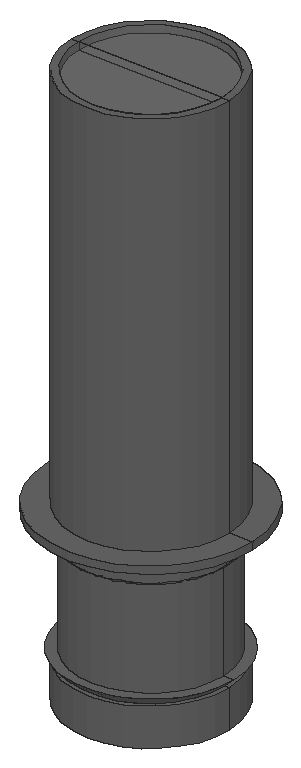
Revit family "LTC-4RDW-S", category Lighting Fixtures, host Face, Revit 2021
Family settings
  Host = Face
  Round Connector Dimension = Use Diameter
  Part Type = Normal
  OmniClass Number = 23.80.70.11.14.11
  OmniClass Title = Downlights
  Cut with Voids When Loaded = No
  Light Source = Yes
  Shared = Yes
  Room Calculation Point = No
Parameters (values of type "LTC-4RDW-S")
  Wattage Comments = ""
  Wattage = 25 W
  built-in parameter 1150110 = 1 (stored number, unit not read)
  Voltage = if(Is 120V, 120 V, 277 V)  # 120 V
  URL = "https://www.currentlighting.com/litecontrol"
  built-in parameter 1114217 = 1 (stored number, unit not read)
  Tilt Angle = -90.00°
  built-in parameter 1150109 = 1 (stored number, unit not read)
  built-in parameter 1150134 = (empty or 0)
  built-in parameter 1150113 = 1 (stored number, unit not read)
  Reflector Finish = Paint - Carbon Black
  Product Page URL = ""
  Product Material = Paint - Carbon Black
  Product Documentation Link = ""
  Photometric Web File = "LTC-4RD-P-20L35K8MD-DM1-S-BL.ies"
  Photometric Notes = "More IES files download on Photometric Web Link"  # constant formula
  Model = "LTC-4RDW"  # constant formula
  Manufacturer = "Litecontrol"  # constant formula
  built-in parameter 1150105 = 175.07 (stored number, unit not read)
  Lumens = 2200 lm
  built-in parameter 1150115 = 1 (stored number, unit not read)
  Load Classification = Lighting
  built-in parameter 1150137 = (empty or 0)
  built-in parameter 1150139 = (empty or 0)
  built-in parameter 1150112 = 1 (stored number, unit not read)
  built-in parameter 1150114 = 1 (stored number, unit not read)
  Lamp = " LED's"  # constant formula
  Is 277V = not(Is 120V)  # no
  Is 120V = yes
  built-in parameter 1150132 = (empty or 0)
  built-in parameter 1150102 = (empty or 0)
  built-in parameter 1150107 = 3000 (stored number, unit not read)
  built-in parameter 1150138 = (empty or 0)
  built-in parameter 1150106 = 1.7507 (stored number, unit not read)
  Glass = White Glass
  Frequency = 60 Hz  # constant formula
  Emit from Circle Diameter = 5 77/128"  # constant formula
  Emit Shape Visible in Rendering = yes
  built-in parameter 1150104 = 8.1755 (stored number, unit not read)
  Dimming Lamp Color Temperature Shift = <None>
  Description = "•\t4inch architectural LED round downlight and wall wash cylinder delivering 600 - 4000 lm\r\n•\t4 beam distributions from 0.4 to 1.2 Spacing Criteria\r\n•\tQuiet reflector appearance with 50º optical cutoff\r\n•\t2700K - 5000K, 80+ and 90+ CRI options\r\n•\tAvailable in Surface, Wall, Pendant, or Cord Mount configurations\r\n•\tVariety of dimming protocol options including 0-10V, DALI, DMX, Forward Phase and EcoSystem\r\n•\tNX Distributed Intelligence™ wired and wireless controls capability available\r\n•\t2 SDCM color consistency\r\n•\tLong life L90 at 55,000 hrs (TM-21)\r\n•\tFive year warranty\r\n\r\n"  # constant formula
  Default Elevation = 48"
  Contact Us = ""
  Connector Description = "Lighting Connector"  # constant formula
  Color Filter = 16777215
  Ceiling Thickness [instance] = 1 1/4"
  Cutout Radius = 3 1/8"
  Ceiling Cutout = Cutout Radius * 2  # 6 1/4"
  built-in parameter 1114218 = 1 (stored number, unit not read)
  built-in parameter 1150133 = 10 (stored number, unit not read)
  Apparent Load = 52 VA
Reference planes (in)
  plane 1 "Center (Front/Back)": y = 0
  plane 2: z = 0
  plane 3 "Center (Left/Right)": x = 0
  plane 4: x = 3
  plane 5: x = -3
  plane 6: y = 3
  plane 7: y = -3
  plane 8: x = 2.795
  plane 9: x = -2
  plane 10: y = 2
  plane 11: y = -2
  plane 12: z = 14
  plane 13: z = -6
Forms (in)
  Extrusion 1, void
    sketch origin (0, 0, 0) x (1, 0, 0) y (0, 1, 0)
      loop
        circle (0, 0) r 3.125
    from -1.25 to 0
  Revolve 2, solid, material "Paint - Carbon Black" <- "Product Material"
    sketch origin (0, 0, 0) x (1, 0, 0) y (0, 0, 1)
      loop
        line (2.545, 14) -> (2.545, 13.75) -> (0, 13.75) -> (0, 0) -> (3.625, 0) -> (3.625, 0.26172) -> (2.795, 0.26172) -> (2.795, 14) -> (2.545, 14)
      axis (0, 14) -> (0, 0)
    angle from 0 to 360
  Revolve 3, solid, material "Paint - Carbon Black" <- "Reflector Finish"
    sketch origin (0, 0, 0) x (1, 0, 0) y (0, 0, 1)
      loop
        line (0, -6) -> (2.795, -6) -> (2.795, -4.65921) -> (2.63579, -4.65921) -> (2.94166, -4.35334) -> (2.59138, -4.35334) -> (2.59138, -0.82322) -> (2.68252, -0.82322)
        arc (2.68252, -0.82322) -> (2.70324, -0.81464) -> (2.71182, -0.79393) r 0.02929
        line (2.71182, -0.79393) -> (2.71182, 0) -> (0, 0) -> (0, -6)
      axis (0, 0) -> (0, -6)
    angle from 0 to 360
  Revolve 4, solid, material "White Glass" <- "Glass"
    sketch origin (0, 0, 0) x (1, 0, 0) y (0, 0, 1)
      loop
        line (0, 14) -> (0, 13.75) -> (2.545, 13.75) -> (2.545, 14) -> (0, 14)
      axis (0, 14) -> (0, 13.75)
    angle from 0 to 360
Dimensions and locks (in)
  plane 2 to plane 13 = 6"
  "Cutout Radius": radius of Extrusion 1 sketch curve
  aligned and locked: plane 2 to host face
  aligned and locked: level to host face
  aligned and locked: level to Extrusion 1
  aligned and locked: plane 1 "Center (Front/Back)" to Extrusion 1 sketch curve
  aligned and locked: plane 3 "Center (Left/Right)" to Extrusion 1 sketch curve
  aligned and locked: plane 3 "Center (Left/Right)" to imposter light
  aligned and locked: Revolve 3 to plane 13
Automatic sketch dimensions
  host sketch curve to host sketch curve = 96"  (x2)
  Revolve 4 sketch curve to plane 3 "Center (Left/Right)" = 0"  (x2)
  Revolve 4 sketch curve to plane 8 = 1/4"
  Revolve 4 sketch curve to plane 12 = 0"
  plane 12 to Revolve 4 sketch curve = 1/4"
  plane 13 to Revolve 4 sketch curve = 7 189/256"
  Revolve 4 sketch curve to Revolve 4 sketch curve = 13"
  Revolve 2 sketch curve to plane 3 "Center (Left/Right)" = 0"  (x2)
  Revolve 2 sketch curve to plane 8 = 0"
  Revolve 2 sketch curve to level = 0"
  level to Revolve 2 sketch curve = 67/256"
  plane 4 to Revolve 2 sketch curve = 5/8"
  Revolve 2 sketch curve to plane 8 = 1/4"
  plane 13 to Revolve 2 sketch curve = 18"
  plane 12 to Revolve 2 sketch curve = 1/4"
  Revolve 2 sketch curve to Revolve 2 sketch curve = 20.38245"
  Revolve 2 sketch curve to plane 12 = 0"
  Revolve 3 sketch curve to plane 3 "Center (Left/Right)" = 0"  (x2)
  Revolve 3 sketch curve to level = 0"
  Revolve 3 sketch curve to plane 8 = 0"
  Revolve 3 sketch curve to plane 13 = 0"
  Revolve 3 sketch curve to plane 8 = 0.20362"
  Revolve 3 sketch curve to plane 8 = 0.15921"
  Revolve 3 sketch curve to Revolve 3 sketch curve = 0.09114"
  Revolve 3 sketch curve to plane 8 = 0.08318"
  Revolve 3 sketch curve to plane 4 = 0.05834"
  Revolve 3 sketch curve to Revolve 3 sketch curve = 1.34079"
  Revolve 3 sketch curve to Revolve 3 sketch curve = 0.30587"
  Revolve 3 sketch curve to level = 0.82322"
  plane 13 to Revolve 3 sketch curve = 1 253/256"
  plane 12 to Revolve 3 sketch curve = 2 1/2"
Connectors (in)
  electrical at (0, 0, 0), driven by "Connector Description", driven by "Voltage", driven by "Apparent Load", driven by "Load Classification"
    settings: on host face, index 1, voltage 120 V, apparent load 52 VA, apparent load phase1 0 VA, apparent load phase2 0 VA, apparent load phase3 0 VA, power factor 0.9, load classification "Lighting", number of poles 1, system type 30, power factor state 1, is connector primary yes, connector utility no, sub classification motor no, connector description "Lighting Connector"
